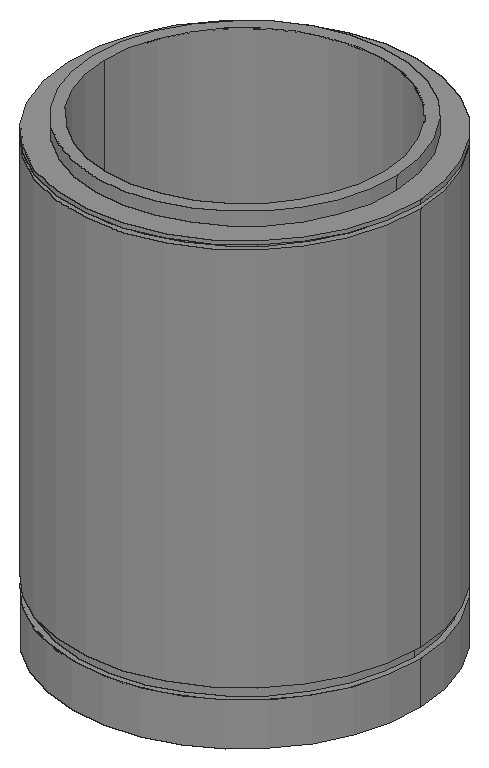
Revit family "HARVEY_20W_E27_LED", category Lighting Fixtures, host Ceiling, Revit 2021
Family settings
  Host = Ceiling
  Round Connector Dimension = Use Diameter
  Part Type = Normal
  OmniClass Number = 23.80.70.11
  OmniClass Title = Luminaries for Internal Lighting
  Always vertical = Yes
  Cut with Voids When Loaded = No
  Light Source = Yes
  Shared = No
  Room Calculation Point = No
Parameters (values of type "Type 1")
  Wattage = 9.2903 W
  built-in parameter 1150110 = 1 (stored number, unit not read)
  Type de lampe = "LED"
  Type de douille = "E27"
  Type = "Plafonnier"
  built-in parameter 1114217 = 1 (stored number, unit not read)
  Tilt Angle = 90.00°
  built-in parameter 1150109 = 1 (stored number, unit not read)
  built-in parameter 1150134 = (empty or 0)
  built-in parameter 1150113 = 1 (stored number, unit not read)
  built-in parameter 1010507 = 1.5708 (stored number, unit not read)
  built-in parameter 1010506 = 0.5236 (stored number, unit not read)
  Puissance nominale = "Max 36W"
  Matériau = "Corps en aluminium moulé sous pression"
  Lumens = 1380 lm
  built-in parameter 1150115 = 1 (stored number, unit not read)
  built-in parameter 1150105 = 4614.1 (stored number, unit not read)
  built-in parameter 1150131 = 3048 mm
  built-in parameter 1150137 = (empty or 0)
  built-in parameter 1150139 = (empty or 0)
  built-in parameter 1150112 = 1 (stored number, unit not read)
  built-in parameter 1150114 = 1 (stored number, unit not read)
  built-in parameter 1150132 = 2
  built-in parameter 1150102 = (empty or 0)
  built-in parameter 1150138 = (empty or 0)
  built-in parameter 1150107 = 3000 (stored number, unit not read)
  built-in parameter 1150106 = 46.141 (stored number, unit not read)
  IRC = "80"
  Fintion = "Gris anthracite"
  Emit from Rectangle Width = 609.6 mm
  Emit from Rectangle Length = 1219.2 mm
  Emit Shape Visible in Rendering = no
  built-in parameter 1150104 = 13.8 (stored number, unit not read)
  Dimming Lamp Color Temperature Shift = <None>
  Dimensions = "150 x 200 mm"
  Diffuseur = "Verre trempé"
  Default Elevation = 0 mm
  Color Filter = 16777215
  built-in parameter 1114218 = 1 (stored number, unit not read)
  Light Source Symbol Length = 3048 mm
  Alimentation Driver = "AC 220-240V / 50Hz"
Reference planes
  plane 1 "Light Source Axis (F/B)": y = 0
  plane 2: z = 0
  plane 3 "Light Source Axis (L/R)": x = 0
  plane 4 "Ceiling": z = 4000
  plane 5 "Light Source Elevation": z = 3800.395
Forms (mm)
  Extrusion 1, solid, material "Aluminum, Gris anthracite"
    sketch origin (0, 0, 4000) x (0, 1, 0) y (-1, 0, 0)
      loop
        circle (0, 0) r 75
      loop
        circle (0, 0) r 60
    from 0 to -199.605
  Extrusion 2, solid, material "Aluminum, Black"
    sketch origin (0, 0, 4000) x (0, 1, 0) y (-1, 0, 0)
      loop
        circle (0, 0) r 60
      loop
        circle (0, 0) r 55
    from -199.605 to -190.574
  Extrusion 3, solid, material "Glass, White, High Luminance"
    sketch origin (0, 0, 4000) x (0, 1, 0) y (-1, 0, 0)
      loop
        circle (0, 0) r 55
    from -199.605 to -196.564
  Extrusion 4, void
    sketch origin (0, 0, 4000) x (0, 1, 0) y (-1, 0, 0)
      loop
        circle (0, 0) r 72.347
      loop
        circle (0, 0) r 80
    from -181.063 to -176.366
  Extrusion 5, void
    sketch origin (0, 0, 4155) x (0, 1, 0) y (-1, 0, 0)
      loop
        circle (0, 0) r 72.347
      loop
        circle (0, 0) r 80
    from -164.108 to -162.229
  Extrusion 6, void
    sketch origin (0, 0, 4175) x (0, 1, 0) y (-1, 0, 0)
      loop
        circle (0, 0) r 65
      loop
        circle (0, 0) r 80
    from -180.555 to -175
Cuts and joins
  Extrusion 4, Extrusion 5, Extrusion 6 cuts Extrusion 1
Lines and regions (mm)
  reference lines
    curve 1: line (0, 0, 4000) -> (55, 0, 4000)
    curve 2: line (-55, 0, 4000) -> (55, 0, 4000)
    curve 3: line (0, 0, 4000) -> (0, 0, 3800)
Dimensions and locks
  equal spacing: host sketch curve, plane 3 "Light Source Axis (L/R)", host sketch curve
  equal spacing: host sketch curve, plane 1 "Light Source Axis (F/B)", host sketch curve
  host sketch curve to host sketch curve = 4000 mm  (x2)
  plane 4 "Ceiling" to host ceiling = 0 mm
  aligned and locked: plane 1 "Light Source Axis (F/B)" to imposter light
  aligned and locked: plane 5 "Light Source Elevation" to imposter light
